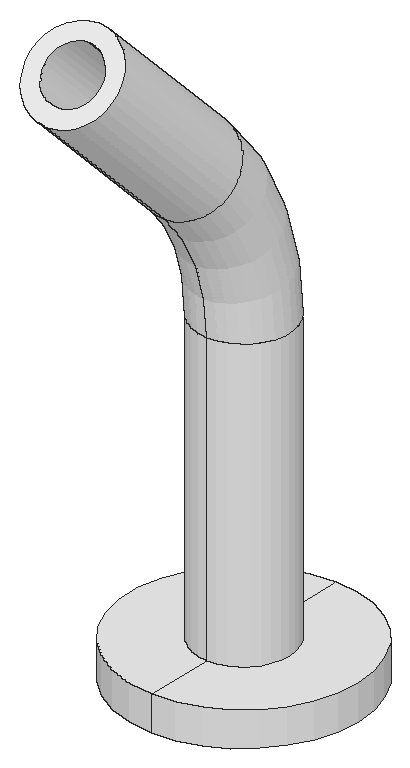
Revit family "Shower_Arm-American_Standard-Modern-1660.241", category Plumbing Fixtures, host Face, Revit 2014
Parameters (values of type "1660.241")
  Width = 2"
  Water Connection Radius = 1/4"
  Water Connection Diameter = 1/2"
  Waste Connection = no
  Warranty Information = "One Year Limited Warranty"  # constant formula
  WFU = 4
  Vent Connection = no
  URL = "https://www.americanstandard-us.com/"
  Type Comments = ""
  Product Page URL = "https://www.americanstandard-us.com/bathroom/shower-faucets/modern-shower-arm-16996"
  Product Documentation Link = "https://www.americanstandard-us.com/-/media/sites/asus/files/product-specs/bulk/specsheet1660241.pdf?la=en"
  Price = "Prices may vary. Please consult Manufacturer Representative for most up-to-date price list."  # constant formula
  Model = "1660.241"
  Material = "Brass-American Standard-002-Polished Chrome"
  Manufacturer = "American Standard"
  Length = 5 1/2"
  Installation Type = "Wall Mounted"  # constant formula
  HWFU = 3
  HW Connection = yes
  Finish = Brass-American Standard-002-Polished Chrome
  Description = "Modern Shower Arm"  # constant formula
  Default Elevation = 78"  # constant formula
  Creation Date = "01/25/2018"  # constant formula
  CWFU = 3
  CW Connection = yes
  Assembly Code = "D2010700"
Reference planes (in)
  plane 1 "Center (Front/Back)": y = 0
  plane 2: z = 0
  plane 3 "Center (Left/Right)": x = 0
  plane 4: z = 5.5
  plane 5: y = 0.25
  plane 6: y = -0.25
  plane 7: y = -1
  plane 8: y = 1
  plane 9: through (0, -1.85629, 5.5) normal (0, -0.7071, -0.7071)
Forms (in)
  Revolve 1, solid, material "Brass-American Standard-002-Polished Chrome" <- "Finish"
    sketch origin (0, 0, 0) x (0, 1, 0) y (0, 0, 1)
      loop
        line (0, 0) -> (0, 0.3) -> (-1, 0.3) -> (-1, 0) -> (0, 0)
      axis (0, 0.3) -> (0, 0)
    angle from 0 to 360
  Sweep 2, solid, material "Brass-American Standard-002-Polished Chrome" <- "Finish"
    path origin (0, 0, 0) x (0, 1, 0) y (0, 0, 1)
      loop
        line (0, 0) -> (0, 2.81528)
        arc (0, 2.81528) -> (-0.15224, 3.58065) -> (-0.58579, 4.22949) r 2
        line (-0.58579, 4.22949) -> (-1.85629, 5.5)
    profile origin (0, 0, 1.40764) x (0, -1, 0) y (1, 0, 0)
      loop
        circle (0, 0) r 0.4
      loop
        circle (0, 0) r 0.25
Cuts and joins
  joined: Revolve 1, Sweep 2
Lines and regions (in)
  Masking region 1
    outline origin (0, 0, 0) x (1, 0, 0) y (0, 0, 1)
      loop
        spline (0.4, 5.5) -> (0.38637, 5.57321) -> (0.34641, 5.64142) -> (0.28284, 5.7) -> (0.2, 5.74495) -> (0.10353, 5.77321) -> (0, 5.78284) -> (-0.10353, 5.77321) -> (-0.2, 5.74495) -> (-0.28284, 5.7) -> (-0.34641, 5.64142) -> (-0.38637, 5.57321) -> (-0.4, 5.5)
        line (-0.4, 5.5) -> (-0.4, 0.3) -> (-1, 0.3) -> (-1, 0) -> (1, 0) -> (1, 0.3) -> (0.4, 0.3) -> (0.4, 5.5)
  symbolic lines, detail levels medium+fine
    curve 1: line (-0.4, 0, 0.3) -> (0.4, 0, 0.3)
Dimensions and locks (in)
  "Length": plane 2 to plane 4
  "Width": plane 8 to plane 7
  angle plane 9 to plane 1 "Center (Front/Back)" = 45.00°
  aligned and locked: plane 2 to host face
  aligned and locked: level to host face
  aligned and locked: Revolve 1 sketch curve to plane 1 "Center (Front/Back)"
Automatic sketch dimensions
  host sketch curve to host sketch curve = 96"  (x2)
  plane 4 to Sweep 2 sketch curve = 0"
  plane 9 to Sweep 2 sketch curve = 0"  (x2)
  Sweep 2 sketch curve to plane 1 "Center (Front/Back)" = 0"
  Sweep 2 sketch curve to level = 0"
  plane 7 to Sweep 2 sketch curve = 1"
  plane 6 to Sweep 2 sketch curve = 0.33579"
  Sweep 2 sketch curve to Sweep 2 sketch curve = 0"  (x2)
  Sweep 2 sketch curve to plane 3 "Center (Left/Right)" = 0"
  Sweep 2 sketch curve to profile plane = 0"
  Revolve 1 sketch curve to plane 7 = 0"
  Revolve 1 sketch curve to level = 0"
  Revolve 1 sketch curve to plane 1 "Center (Front/Back)" = 0"
  Revolve 1 sketch curve to Revolve 1 sketch curve = 0.3"
  Revolve 1 sketch curve to level = 0.41882"
  Revolve 1 sketch curve to Revolve 1 sketch curve = 1.13483"
  Masking region 1 sketch curve to level = 0"
  Masking region 1 sketch curve to plane 4 = 0"
  Masking region 1 sketch curve to plane 3 "Center (Left/Right)" = 0"
  Masking region 1 sketch curve to Masking region 1 sketch curve = 0.4"
  Masking region 1 sketch curve to Masking region 1 sketch curve = 0.6"  (x2)
  level to Masking region 1 sketch curve = 0.3"
  Masking region 1 sketch curve to Masking region 1 sketch curve = 0.3"
  curve 1 to plane 3 "Center (Left/Right)" = 0.4"
  level to curve 1 = 0.3"
  plane 3 "Center (Left/Right)" to curve 1 = 0.4"
  radius of Sweep 2 sketch curve = 0.4"
  radius of Sweep 2 sketch curve = 1/4"
Connectors (in)
  piping at (0, 0, 0), diameter 0.5, driven by "Water Connection Diameter"
    settings: on cut or joined group of Revolve 1, Sweep 2, index 1, connector inside diameter 24", connector length 0", flow factor 0, pipe flow 0 GPM, pressure drop 0.00 psi, fitting loss kfactor 0, connector angle 0.00°, fixture units 0, engagement length 0", angle of deflection 0.00°, flow configuration 0, flow direction 1, fitting loss method 0, system type 29, joint type 0, gender type 0, connector reference index -1, connector utility 0, adjustable connector no, is connector primary yes, connector description "1/2\" NPT Supply Inlet"
